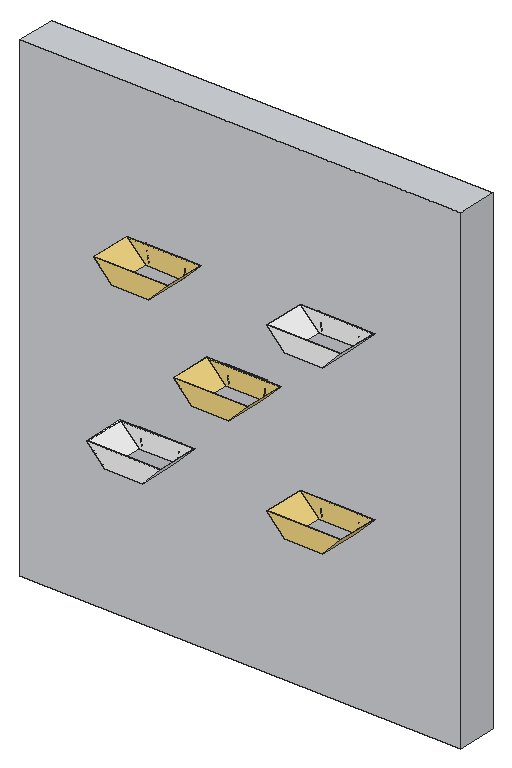
Revit family "REVIT-MG-1027-Koku-", category Furniture, Revit 2016
Family settings
  OmniClass Number = 23.40.20.00
  OmniClass Title = General Furniture and Specialties
  Work Plane-Based = No
  Always vertical = Yes
  Cut with Voids When Loaded = No
  Shared = No
  Room Calculation Point = No
Parameters (values of type "MG-1027")
  URL = "www.magnusongroup.com"
  Type Comments = "Huddle Rooms"  # constant formula
  Salvage or Reuse = yes
  Percentage of Recycled Content = 0
  Model = "MG-1027"
  Manufacturer = "Magnuson Group"  # constant formula
  Low Emitting Material = yes
  Low Emitting Finish = yes
  Revit File Built By = "https://servex-us.com/servex-revit/"
  Description = "Koku Shelving"
Reference planes (in)
  plane 1 "Center Front/Back": y = 0
  plane 2: z = 0
  plane 3 "Center Left/Right": x = 0
Forms (in)
  Extrusion 1, solid
    sketch origin (0, 0, 0) x (1, 0, 0) y (0, 1, 0)
      loop
        line (-33.81484, 0) -> (32.18516, 0) -> (32.18516, 6) -> (-33.81484, 6) -> (-33.81484, 0)
    from 0 to 72
Dimensions and locks (in)
  aligned and locked: level to plane 2
Nested families (in)
  nested 1: "Magnuson-Koku-Wall_Mounted_Bookshelf" at (-11.87175, 0, 50.13882) x (1, 0, 0) z (0, -1, 0), type "KOKU Mustard"
  nested 2: "Magnuson-Koku-Wall_Mounted_Bookshelf" at (0.12825, 0, 38.13882) x (1, 0, 0) z (0, -1, 0), type "KOKU Mustard"
  nested 3: "Magnuson-Koku-Wall_Mounted_Bookshelf" at (14.12825, 0, 25.13882) x (1, 0, 0) z (0, -1, 0), type "KOKU Mustard"
  nested 4: "Magnuson-Koku-Wall_Mounted_Bookshelf" at (14.12825, 0, 50.13882) x (1, 0, 0) z (0, -1, 0), type "KOKU White"
  nested 5: "Magnuson-Koku-Wall_Mounted_Bookshelf" at (-12.87175, 0, 25.13882) x (1, 0, 0) z (0, -1, 0), type "KOKU White"
Definition of nested family "Magnuson-Koku-Wall_Mounted_Bookshelf"
  Parameters (values of type "KOKU")
    Width = 11 1/16"
    URL = "www.magnusongroup.com"
    Type Comments = "Shelving"  # constant formula
    Salvage or Reuse = no
    Revit File Built By = "https://servex-us.com/servex-revit/"
    Percentage of Recycled Content = 0
    Model = "KOKU"
    Manufacturer = "Magnuson Group"  # constant formula
    Low Emitting Material = yes
    Low Emitting Finish = yes
    Keynote = "12500"
    Height = 6 3/4"
    Frame Finish = none
    Description = "Wall mounted bookshelf"
    Depth = 6 3/4"
    Default Elevation = 48"
    Base Finish = none
    Assembly Code = "E2020200"
  Reference planes (in)
    plane 1 "Center (Front/Back)": y = 0
    plane 2: z = 0
    plane 3 "Center (Left/Right)": x = 0
    plane 4: y = 1.39883
    plane 5: y = -1.39883
    plane 6: y = -1.24135
    plane 7: y = 1.1682
    plane 8: x = 5.57087
    plane 9: x = -5.57087
    plane 10: z = 6.77165
    plane 11: z = 0.47244
  Forms (in)
    Extrusion 1, solid
      sketch origin (0, 0, 0) x (1, 0, 0) y (0, 1, 0)
        loop
          line (-17, 9.00865) -> (-17, -7.21555) -> (17.16303, -7.21555) -> (17.16303, 9.00865) -> (-17, 9.00865)
      from 0 to -12
    Blend 2, solid, material <- "Frame Finish"
      base sketch origin (0, 0.59309, 0) x (1, 0, 0) y (0, 0, 1)
        loop
          line (2.81496, 6.77165) -> (-2.81496, 6.77165) -> (-2.81496, 0.47244) -> (2.81496, 0.47244) -> (2.81496, 6.77165)
      top sketch origin (0, 0, 0) x (1, 0, 0) y (0, 0, 1)
        loop
          line (5.57087, 6.77165) -> (-5.57087, 6.77165) -> (-5.57087, 0.47244) -> (5.57087, 0.47244) -> (5.57087, 6.77165)
      from 1.99192 to -1.39883
    Blend 3, void
      base sketch origin (0, 0.59309, 0) x (1, 0, 0) y (0, 0, 1)
        loop
          line (-2.75246, 0.53494) -> (2.75246, 0.53494) -> (2.75246, 6.70915) -> (-2.75246, 6.70915) -> (-2.75246, 0.53494)
      top sketch origin (0, 0, 0) x (1, 0, 0) y (0, 0, 1)
        loop
          line (-5.50837, 0.53494) -> (5.50837, 0.53494) -> (5.50837, 6.70915) -> (-5.50837, 6.70915) -> (-5.50837, 0.53494)
      from 1.99192 to -1.39883
    Blend 4, solid, material <- "Base Finish"
      base sketch origin (0, 0.59309, 0) x (1, 0, 0) y (0, 0, 1)
        loop
          arc (3.02257, 0) -> (3.11376, 0.06135) -> (3.0913, 0.16894) r 0.09845
          line (3.0913, 0.16894) -> (2.8571, 0.39734)
          arc (2.8571, 0.39734) -> (2.77215, 0.45295) -> (2.67251, 0.47244) r 0.26438
          line (2.67251, 0.47244) -> (-2.67201, 0.47244)
          arc (-2.67201, 0.47244) -> (-2.77212, 0.45285) -> (-2.85746, 0.39698) r 0.26562
          line (-2.85746, 0.39698) -> (-3.0927, 0.16757)
          arc (-3.0927, 0.16757) -> (-3.11498, 0.06085) -> (-3.02452, 0) r 0.09766
          line (-3.02452, 0) -> (3.02257, 0)
      top sketch origin (0, 0, 0) x (1, 0, 0) y (0, 0, 1)
        loop
          arc (2.60382, 0) -> (2.69428, 0.06085) -> (2.67201, 0.16757) r 0.09766
          line (2.67201, 0.16757) -> (2.43647, 0.39727)
          arc (2.43647, 0.39727) -> (2.35145, 0.45293) -> (2.25171, 0.47244) r 0.26463
          line (2.25171, 0.47244) -> (-2.25131, 0.47244)
          arc (-2.25131, 0.47244) -> (-2.35142, 0.45285) -> (-2.43676, 0.39698) r 0.26562
          line (-2.43676, 0.39698) -> (-2.67201, 0.16757)
          arc (-2.67201, 0.16757) -> (-2.69428, 0.06085) -> (-2.60382, 0) r 0.09766
          line (-2.60382, 0) -> (2.60382, 0)
      from -0.57512 to 1.24135
    Blend 5, void
      base sketch origin (0, 0.59309, 0) x (1, 0, 0) y (0, 0, 1)
        loop
          arc (3.02257, 0.0625) -> (3.05587, 0.0849) -> (3.04767, 0.12419) r 0.03595
          line (3.04767, 0.12419) -> (2.81346, 0.35259)
          arc (2.81346, 0.35259) -> (2.7486, 0.39505) -> (2.67251, 0.40994) r 0.20188
          line (2.67251, 0.40994) -> (-2.67201, 0.40994)
          arc (-2.67201, 0.40994) -> (-2.74856, 0.39496) -> (-2.81382, 0.35224) r 0.20313
          line (-2.81382, 0.35224) -> (-3.04907, 0.12283)
          arc (-3.04907, 0.12283) -> (-3.05708, 0.08441) -> (-3.02452, 0.0625) r 0.03516
          line (-3.02452, 0.0625) -> (3.02257, 0.0625)
      top sketch origin (0, 0, 0) x (1, 0, 0) y (0, 0, 1)
        loop
          arc (2.60017, 0.0625) -> (2.63411, 0.08533) -> (2.62576, 0.12537) r 0.03664
          line (2.62576, 0.12537) -> (2.39313, 0.35224)
          arc (2.39313, 0.35224) -> (2.32786, 0.39496) -> (2.25131, 0.40994) r 0.20313
          line (2.25131, 0.40994) -> (-2.25131, 0.40994)
          arc (-2.25131, 0.40994) -> (-2.32786, 0.39496) -> (-2.39313, 0.35224) r 0.20313
          line (-2.39313, 0.35224) -> (-2.62837, 0.12283)
          arc (-2.62837, 0.12283) -> (-2.63639, 0.08441) -> (-2.60382, 0.0625) r 0.03516
          line (-2.60382, 0.0625) -> (2.60017, 0.0625)
      from -0.57512 to 1.24135
  Cuts and joins
    Blend 3 cuts Blend 2
    Blend 5 cuts Blend 4
  Lines and regions (in)
    symbolic lines
      curve 1: line (5.57087, 0, 6.77165) -> (-5.57087, 0, 6.77165)
      curve 2: line (5.57087, 0, 0.47244) -> (5.57087, 0, 6.77165)
      curve 3: line (-5.57087, 0, 0.47244) -> (5.57087, 0, 0.47244)
      curve 4: line (-5.57087, 0, 6.77165) -> (-5.57087, 0, 0.47244)
      curve 5: line (5.50837, 0, 6.70915) -> (-5.50837, 0, 6.70915)
      curve 6: line (5.50837, 0, 0.53494) -> (5.50837, 0, 6.70915)
      curve 7: line (-5.50837, 0, 0.53494) -> (5.50837, 0, 0.53494)
      curve 8: line (-5.50837, 0, 6.70915) -> (-5.50837, 0, 0.53494)
      curve 9: line (2.75246, 0, 6.70915) -> (2.75246, 0, 0.53494)
      curve 10: line (-2.75246, 0, 6.70915) -> (-2.75246, 0, 0.53494)
      curve 11: arc (2.67251, 0, 0.47244) -> (2.77215, 0, 0.45295) -> (2.8571, 0, 0.39734) r 0.26438
      curve 12: line (2.8571, 0, 0.39734) -> (3.0913, 0, 0.16894)
      curve 13: arc (3.0913, 0, 0.16894) -> (3.11376, 0, 0.06135) -> (3.02257, 0, 0) r 0.09845
      curve 14: line (-3.02452, 0, 0) -> (3.02257, 0, 0)
      curve 15: arc (-3.02452, 0, 0) -> (-3.11498, 0, 0.06085) -> (-3.0927, 0, 0.16757) r 0.09766
      curve 16: line (-3.0927, 0, 0.16757) -> (-2.85746, 0, 0.39698)
      curve 17: arc (-2.85746, 0, 0.39698) -> (-2.77212, 0, 0.45285) -> (-2.67201, 0, 0.47244) r 0.26562
      curve 18: line (2.67251, 0, 0.40994) -> (-2.67201, 0, 0.40994)
      curve 19: line (-3.02452, 0, 0.0625) -> (3.02257, 0, 0.0625)
      curve 20: arc (3.02257, 0, 0.0625) -> (3.05587, 0, 0.0849) -> (3.04767, 0, 0.12419) r 0.03595
      curve 21: line (3.04767, 0, 0.12419) -> (2.81346, 0, 0.35259)
      curve 22: arc (2.81346, 0, 0.35259) -> (2.7486, 0, 0.39505) -> (2.67251, 0, 0.40994) r 0.20188
      curve 23: arc (-3.04907, 0, 0.12283) -> (-3.05708, 0, 0.08441) -> (-3.02452, 0, 0.0625) r 0.03516
      curve 24: line (-2.81382, 0, 0.35224) -> (-3.04907, 0, 0.12283)
      curve 25: arc (-2.67201, 0, 0.40994) -> (-2.74856, 0, 0.39496) -> (-2.81382, 0, 0.35224) r 0.20313
      curve 26: arc (-2.39313, 0, 0.35224) -> (-2.32786, 0, 0.39496) -> (-2.25131, 0, 0.40994) r 0.20313
      curve 27: line (-2.62837, 0, 0.12283) -> (-2.39313, 0, 0.35224)
      curve 28: arc (-2.60382, 0, 0.0625) -> (-2.63639, 0, 0.08441) -> (-2.62837, 0, 0.12283) r 0.03516
      curve 29: arc (2.25131, 0, 0.40994) -> (2.32786, 0, 0.39496) -> (2.39313, 0, 0.35224) r 0.20313
      curve 30: line (2.39313, 0, 0.35224) -> (2.62576, 0, 0.12537)
      curve 31: arc (2.62576, 0, 0.12537) -> (2.63411, 0, 0.08533) -> (2.60017, 0, 0.0625) r 0.03664
  Dimensions and locks (in)
    locked: plane 4 to plane 7 at 0.23063
    locked: plane 6 to plane 5 at 0.15748
    plane 4 to plane 5 = 2.79766"
    equal spacing: plane 8, plane 3 "Center (Left/Right)", plane 9
    plane 8 to plane 9 = 11.14173"
    plane 2 to plane 11 to plane 10 = 0.47244", 6.29921"
    plane 2 to plane 10 = 6.77165"
    aligned and locked: plane 2 to Extrusion 1
    aligned and locked: level to Extrusion 1
    aligned and locked: curve 1 to plane 10
    aligned and locked: curve 2 to plane 8
    aligned and locked: plane 9 to curve 4
    aligned and locked: curve 5 to cut or joined group of Blend 2, Blend 3
    aligned and locked: curve 6 to cut or joined group of Blend 2, Blend 3
    aligned and locked: curve 7 to cut or joined group of Blend 2, Blend 3
    aligned and locked: curve 8 to cut or joined group of Blend 2, Blend 3
    aligned and locked: curve 11 to cut or joined group of Blend 4, Blend 5
    aligned and locked: curve 13 to cut or joined group of Blend 4, Blend 5
    aligned and locked: curve 15 to cut or joined group of Blend 4, Blend 5
    aligned and locked: curve 17 to cut or joined group of Blend 4, Blend 5
    aligned and locked: curve 20 to cut or joined group of Blend 4, Blend 5
    aligned and locked: curve 22 to cut or joined group of Blend 4, Blend 5
    aligned and locked: curve 23 to cut or joined group of Blend 4, Blend 5
    aligned and locked: curve 25 to cut or joined group of Blend 4, Blend 5
    aligned and locked: curve 26 to cut or joined group of Blend 4, Blend 5
    aligned and locked: curve 28 to cut or joined group of Blend 4, Blend 5
    aligned and locked: curve 29 to cut or joined group of Blend 4, Blend 5
    aligned and locked: curve 31 to cut or joined group of Blend 4, Blend 5
  Automatic sketch dimensions
    level to curve 16 = 0.16757"
    level to curve 24 = 0.12283"
    curve 16 to plane 11 = 0.07546"
    curve 24 to plane 11 = 0.1202"
    level to curve 27 = 0.12283"
    curve 27 to plane 11 = 0.1202"
    curve 30 to plane 11 = 0.1202"
    level to curve 30 = 0.12537"
    curve 21 to plane 11 = 0.11985"
    curve 12 to plane 11 = 0.0751"
    level to curve 21 = 0.12419"
    level to curve 12 = 0.16894"
    curve 10 to plane 3 "Center (Left/Right)" = 2.75246"
    curve 11 to curve 9 = 0.07995"
    Extrusion 1 sketch curve to Extrusion 1 sketch curve = 34.16303"
    Extrusion 1 sketch curve to Extrusion 1 sketch curve = 16.2242"
    Blend 2 sketch curve to plane 10 = 0"  (x2)
    Blend 2 sketch curve to plane 11 = 0"  (x2)
    plane 9 to Blend 2 sketch curve = 2.75591"
    Blend 2 sketch curve to plane 8 = 2.75591"
    Blend 2 sketch curve to plane 9 = 0"
    Blend 2 sketch curve to plane 8 = 0"
    Blend 3 sketch curve to plane 10 = 1/16"  (x2)
    Blend 3 sketch curve to plane 3 "Center (Left/Right)" = 2.75246"
    plane 3 "Center (Left/Right)" to Blend 3 sketch curve = 2.75246"
    plane 11 to Blend 3 sketch curve = 1/16"  (x2)
    plane 9 to Blend 3 sketch curve = 1/16"
    Blend 3 sketch curve to plane 8 = 1/16"
    Blend 4 sketch curve to level = 0"  (x2)
    Blend 4 sketch curve to plane 11 = 0"  (x2)
    level to Blend 4 sketch curve = 0.16757"  (x3)
    plane 9 to Blend 4 sketch curve = 2.47816"
    Blend 4 sketch curve to Blend 4 sketch curve = 0.06818"  (x2)
    Blend 4 sketch curve to plane 11 = 0.07546"  (x2)
    Blend 4 sketch curve to Blend 4 sketch curve = 0.23524"  (x2)
    Blend 4 sketch curve to Blend 4 sketch curve = 0.18545"
    level to Blend 4 sketch curve = 0.20806"
    plane 3 "Center (Left/Right)" to Blend 4 sketch curve = 2.67251"
    Blend 4 sketch curve to plane 11 = 0.0751"
    level to Blend 4 sketch curve = 0.09845"
    Blend 4 sketch curve to Blend 4 sketch curve = 0.16547"
    level to Blend 4 sketch curve = 0.16894"
    Blend 4 sketch curve to plane 3 "Center (Left/Right)" = 2.67201"
    level to Blend 4 sketch curve = 0.20682"
    level to Blend 4 sketch curve = 0.20781"
    plane 3 "Center (Left/Right)" to Blend 4 sketch curve = 2.25171"
    Blend 4 sketch curve to plane 11 = 0.07518"
    level to Blend 4 sketch curve = 25/256"
    Blend 4 sketch curve to Blend 4 sketch curve = 0.16735"
    level to Blend 5 sketch curve = 0.12283"  (x2)
    plane 9 to Blend 5 sketch curve = 2.5218"
    Blend 5 sketch curve to Blend 5 sketch curve = 0.02455"  (x2)
    Blend 5 sketch curve to plane 11 = 0.1202"  (x3)
    Blend 5 sketch curve to Blend 5 sketch curve = 0.23524"  (x2)
    Blend 5 sketch curve to Blend 5 sketch curve = 0.14182"  (x3)
    Blend 5 sketch curve to plane 11 = 1/16"  (x2)
    plane 3 "Center (Left/Right)" to Blend 5 sketch curve = 2.67251"
    Blend 5 sketch curve to plane 11 = 0.11985"
    Blend 5 sketch curve to Blend 5 sketch curve = 0.14095"
    level to Blend 5 sketch curve = 1/16"  (x2)
    Blend 5 sketch curve to Blend 5 sketch curve = 0.2091"
    level to Blend 5 sketch curve = 0.12419"
    Blend 5 sketch curve to Blend 5 sketch curve = 0.0251"
    Blend 5 sketch curve to plane 3 "Center (Left/Right)" = 2.62837"
    plane 3 "Center (Left/Right)" to Blend 5 sketch curve = 2.25131"
    Blend 5 sketch curve to Blend 5 sketch curve = 53/256"
    level to Blend 5 sketch curve = 0.12537"
    Blend 5 sketch curve to Blend 5 sketch curve = 0.02558"
